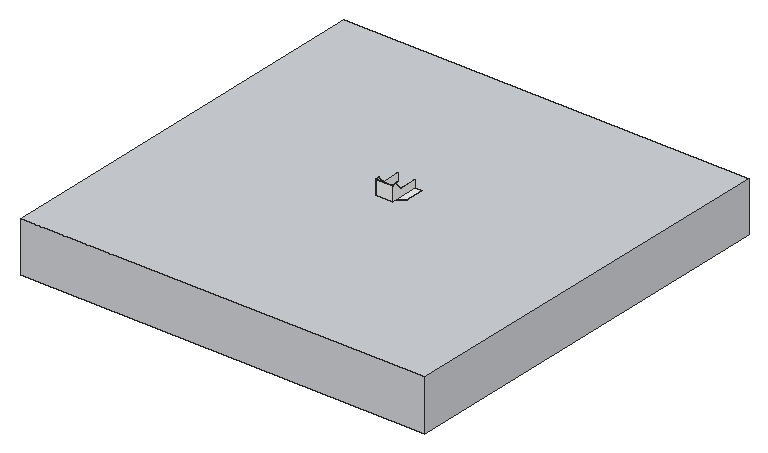
Revit family "JOMA_Balksko kombi_Grundform 440", category Structural Connections, host Face, Revit 2012
Parameters (values of type "5210170  100x170")
  Y = 110 mm
  X = 35 mm
  Vikt = "0,54"
  Typ = "GRUNDFORM 440"
  Spikmönster 2 [instance] = no
  Spikmönster 1 [instance] = no
  Spik/skruv i sekundär [instance] = "ANKARSPIK 4,0x40"
  Spik/skruv i primär [instance] = "ANKARSPIK 4,0x60"
  Material = Varmförzinkad stålplåt
  Länk Joma Dimensioneringsverktyg = "http://www.joma.se/dimensioneringsverktyg"
  Grundform 440 = yes
  F = 85 mm
  E = 47 mm
  Default Elevation = 1219.2 mm
  D = 42 mm
  Bultplacering 2 [instance] = no
  Bultplacering 1 [instance] = no
  Bult [instance] = "BULT M10"
  B = 170 mm
  Antal spik/skruv i sekundär [instance] = if(and(Spikmönster 1, Grundform 440), 7, if(and(Spikmönster 2, Grundform 440), 4, if(and(Bultplacering 1, Grundform 440), 7, if(and(Bultplacering 2, Grundform 440), 7, 0))))  # 0
  Antal spik/skruv i primär [instance] = if(and(Spikmönster 1, Grundform 440), 12, if(and(Spikmönster 2, Grundform 440), 7, if(and(Bultplacering 1, Grundform 440), 1, if(and(Bultplacering 2, Grundform 440), 2, 0))))  # 0
  A = 100 mm
  440 Spikmönster 2 [instance] = and(Grundform 440, Spikmönster 2, not(or(Spikmönster 1, Bultplacering 1, Bultplacering 2)))  # no
  440 Spikmönster 1 [instance] = and(Grundform 440, Spikmönster 1, not(or(Spikmönster 2, Bultplacering 1, Bultplacering 2)))  # no
  440 Bultplacering 2 [instance] = and(Grundform 440, Bultplacering 2, not(or(Spikmönster 1, Spikmönster 2, Bultplacering 1)))  # no
  440 Bultplacering 1 [instance] = and(Grundform 440, Bultplacering 1, not(or(Spikmönster 1, Spikmönster 2, Bultplacering 2)))  # no
Types (8, lengths in mm): name | Vikt | B | A
  5245197  45x197 | "0,54" | 197 | 45
  5251195  51x195 | "0,54" | 195 | 51
  5276182  76x182 | "0,43" | 182 | 76
  5280180  80x180 | "0,54" | 180 | 80
  5210170  100x170 | "0,54" | 170 | 100
  5215162  115x162 | "0,54" | 162 | 115
  5212160  120x160 | "0,54" | 160 | 120
  5260190  60x190 | "0,54" | 190 | 60
Reference planes
  plane 1 "Center (Front/Back)": y = 0
  plane 2: z = 0
  plane 3 "Center (Left/Right)": x = 0
  plane 4: x = -50
  plane 5: x = 50
  plane 6: y = -2
  plane 7: x = -52
  plane 8: x = 52
  plane 9: y = 168
  plane 10: z = 2
  plane 11: z = 87
  plane 12: y = 23
  plane 13: y = 58
  plane 14: x = 92
  plane 15: x = -92
  plane 16: z = 47
Forms (mm)
  Extrusion 1, solid
    sketch origin (0, 0, 0) x (1, 0, 0) y (0, 1, 0)
      loop
        line (-1219.2, 1219.2) -> (-1219.2, -1219.2) -> (1219.2, -1219.2) -> (1219.2, 1219.2) -> (-1219.2, 1219.2)
    from 0 to -304.8
  Extrusion 2, solid, material "Varmförzinkad stålplåt" <- "Material"
    sketch origin (0, 0, 0) x (1, 0, 0) y (0, 1, 0)
      loop
        line (-50, 168) -> (-52, 168) -> (-52, 0)
        arc (-52, 0) -> (-51.414, -1.414) -> (-50, -2) r 2
        line (-50, -2) -> (50.004, -2)
        arc (50.004, -2) -> (51.415, -1.415) -> (52, -0.004) r 1.996
        line (52, -0.004) -> (52, 168) -> (50, 168) -> (50, 0) -> (-50, 0) -> (-50, 168)
    from 2 to 87
  Extrusion 3, solid, material "Varmförzinkad stålplåt" <- "Material"
    sketch origin (0, 0, 0) x (1, 0, 0) y (0, 1, 0)
      loop
        line (50, 168) -> (50, 23) -> (92, 23) -> (92, 168) -> (50, 168)
    from 0 to 2
  Extrusion 4, void
    sketch origin (0, 0, 0) x (1, 0, 0) y (0, 1, 0)
      loop
        line (52, 23) -> (92, 23) -> (92, 58) -> (52, 23)
    from 0 to 2
  Extrusion 5, solid, material "Varmförzinkad stålplåt" <- "Material"
    sketch origin (0, 0, 0) x (-1, 0, 0) y (0, -1, 0)
      loop
        line (50, -168) -> (92, -168) -> (92, -23) -> (50, -23) -> (50, -168)
    from 0 to 2
  Extrusion 6, void
    sketch origin (0, 0, 0) x (1, 0, 0) y (0, 1, 0)
      loop
        line (-52, 23) -> (-92, 58) -> (-92, 23) -> (-52, 23)
    from 0 to 250
  Extrusion 7, void
    sketch origin (0, 0, 0) x (0, 1, 0) y (0, 0, 1)
      loop
        line (168, 87) -> (23, 87) -> (58, 47) -> (168, 47) -> (168, 87)
    from -52 to 52
  Extrusion 8, void
    sketch origin (0, 0, 0) x (1, 0, 0) y (0, 0, 1)
      loop
        arc (52, 0) -> (50.586, 0.586) -> (50, 2) r 2
        line (50, 2) -> (50, 0) -> (52, 0)
    from -168 to -23
  Extrusion 9, void
    sketch origin (0, 0, 0) x (1, 0, 0) y (0, 0, 1)
      loop
        arc (-50, 2) -> (-50.586, 0.586) -> (-52, 0) r 2
        line (-52, 0) -> (-50, 0) -> (-50, 2)
    from -168 to -23
Cuts and joins
  Extrusion 7 cuts Extrusion 2
  Extrusion 4, Extrusion 8 cuts Extrusion 3
  Extrusion 6, Extrusion 9 cuts Extrusion 5
  joined: Extrusion 2, Extrusion 3, Extrusion 5
Lines and regions (mm)
  symbolic lines, visible <- "Grundform 440"
    curve 1: circle (-61.5, 160.5, 0) r 2.5 normal (0, 0, 1)
    curve 2: circle (-84, 150.5, 0) r 2.5 normal (0, 0, 1)
    curve 3: circle (-61.5, 140.5, 0) r 2.5 normal (0, 0, 1)
    curve 4: circle (-84, 130.5, 0) r 2.5 normal (0, 0, 1)
    curve 5: circle (-61.5, 120.5, 0) r 2.5 normal (0, 0, 1)
    curve 6: circle (-84, 110.5, 0) r 2.5 normal (0, 0, 1)
    curve 7: circle (-61.5, 100.5, 0) r 2.5 normal (0, 0, 1)
    curve 8: circle (-84, 90.5, 0) r 2.5 normal (0, 0, 1)
    curve 9: circle (-61.5, 80.5, 0) r 2.5 normal (0, 0, 1)
    curve 10: circle (-84, 70.5, 0) r 2.5 normal (0, 0, 1)
    curve 11: circle (-61.5, 60.5, 0) r 2.5 normal (0, 0, 1)
    curve 12: circle (-61.5, 40.5, 0) r 2.5 normal (0, 0, 1)
    curve 13: circle (-74, 140.5, 0) r 5.5 normal (0, 0, 1)
    curve 14: circle (-74, 100.5, 0) r 5.5 normal (0, 0, 1)
    curve 15: circle (-74, 60.5, 0) r 5.5 normal (0, 0, 1)
    curve 31: circle (0, 160.5, 39) r 2.5 normal (1, 0, 0)
    curve 32: circle (0, 140.5, 39) r 2.5 normal (1, 0, 0)
    curve 33: circle (0, 120.5, 39) r 2.5 normal (1, 0, 0)
    curve 34: circle (0, 100.5, 39) r 2.5 normal (1, 0, 0)
    curve 35: circle (0, 80.5, 39) r 2.5 normal (1, 0, 0)
    curve 36: circle (0, 60.5, 39) r 2.5 normal (1, 0, 0)
    curve 37: circle (0, 40.5, 39) r 2.5 normal (1, 0, 0)
    curve 45: circle (61.5, 160.5, 0) r 2.5 normal (0, 0, -1)
    curve 46: circle (84, 150.5, 0) r 2.5 normal (0, 0, -1)
    curve 47: circle (61.5, 140.5, 0) r 2.5 normal (0, 0, -1)
    curve 48: circle (84, 130.5, 0) r 2.5 normal (0, 0, -1)
    curve 49: circle (61.5, 120.5, 0) r 2.5 normal (0, 0, -1)
    curve 50: circle (84, 110.5, 0) r 2.5 normal (0, 0, -1)
    curve 51: circle (61.5, 100.5, 0) r 2.5 normal (0, 0, -1)
    curve 52: circle (84, 90.5, 0) r 2.5 normal (0, 0, -1)
    curve 53: circle (61.5, 80.5, 0) r 2.5 normal (0, 0, -1)
    curve 54: circle (84, 70.5, 0) r 2.5 normal (0, 0, -1)
    curve 55: circle (61.5, 60.5, 0) r 2.5 normal (0, 0, -1)
    curve 56: circle (61.5, 40.5, 0) r 2.5 normal (0, 0, -1)
    curve 57: circle (74, 140.5, 0) r 5.5 normal (0, 0, -1)
    curve 58: circle (74, 100.5, 0) r 5.5 normal (0, 0, -1)
    curve 59: circle (74, 60.5, 0) r 5.5 normal (0, 0, -1)
  symbolic lines, visible <- "Grundform 440", not visible
    curve 16: circle (-34, 187.5, 0) r 2.5 normal (0, 0, 1)
    curve 17: circle (-56.5, 177.5, 0) r 2.5 normal (0, 0, 1)
    curve 18: circle (-34, 167.5, 0) r 2.5 normal (0, 0, 1)
    curve 19: circle (-56.5, 157.5, 0) r 2.5 normal (0, 0, 1)
    curve 20: circle (-34, 147.5, 0) r 2.5 normal (0, 0, 1)
    curve 21: circle (-56.5, 137.5, 0) r 2.5 normal (0, 0, 1)
    curve 22: circle (-34, 127.5, 0) r 2.5 normal (0, 0, 1)
    curve 23: circle (-56.5, 117.5, 0) r 2.5 normal (0, 0, 1)
    curve 24: circle (-34, 107.5, 0) r 2.5 normal (0, 0, 1)
    curve 25: circle (-56.5, 97.5, 0) r 2.5 normal (0, 0, 1)
    curve 26: circle (-34, 87.5, 0) r 2.5 normal (0, 0, 1)
    curve 27: circle (-34, 67.5, 0) r 2.5 normal (0, 0, 1)
    curve 28: circle (-46.5, 167.5, 0) r 5.5 normal (0, 0, 1)
    curve 29: circle (-46.5, 127.5, 0) r 5.5 normal (0, 0, 1)
    curve 30: circle (-46.5, 87.5, 0) r 5.5 normal (0, 0, 1)
    curve 38: circle (0, 187.5, 39) r 2.5 normal (1, 0, 0)
    curve 39: circle (0, 167.5, 39) r 2.5 normal (1, 0, 0)
    curve 40: circle (0, 147.5, 39) r 2.5 normal (1, 0, 0)
    curve 41: circle (0, 127.5, 39) r 2.5 normal (1, 0, 0)
    curve 42: circle (0, 107.5, 39) r 2.5 normal (1, 0, 0)
    curve 43: circle (0, 87.5, 39) r 2.5 normal (1, 0, 0)
    curve 44: circle (0, 67.5, 39) r 2.5 normal (1, 0, 0)
    curve 60: circle (1354, 187.5, 0) r 2.5 normal (0, 0, -1)
    curve 61: circle (1376.5, 177.5, 0) r 2.5 normal (0, 0, -1)
    curve 62: circle (1354, 167.5, 0) r 2.5 normal (0, 0, -1)
    curve 63: circle (1376.5, 157.5, 0) r 2.5 normal (0, 0, -1)
    curve 64: circle (1354, 147.5, 0) r 2.5 normal (0, 0, -1)
    curve 65: circle (1376.5, 137.5, 0) r 2.5 normal (0, 0, -1)
    curve 66: circle (1354, 127.5, 0) r 2.5 normal (0, 0, -1)
    curve 67: circle (1376.5, 117.5, 0) r 2.5 normal (0, 0, -1)
    curve 68: circle (1354, 107.5, 0) r 2.5 normal (0, 0, -1)
    curve 69: circle (1376.5, 97.5, 0) r 2.5 normal (0, 0, -1)
    curve 70: circle (1354, 87.5, 0) r 2.5 normal (0, 0, -1)
    curve 71: circle (1354, 67.5, 0) r 2.5 normal (0, 0, -1)
    curve 72: circle (1366.5, 167.5, 0) r 5.5 normal (0, 0, -1)
    curve 73: circle (1366.5, 127.5, 0) r 5.5 normal (0, 0, -1)
    curve 74: circle (1366.5, 87.5, 0) r 5.5 normal (0, 0, -1)
Text (mm)
  text "Primärbalk" at (328.941, 539.253, 0), in view "Ref. Level"
  text "Sekundärbalk" at (0, -172.393, 341.357), in view "Left"
Dimensions and locks
  equal spacing: plane 4, plane 3 "Center (Left/Right)", plane 5
  "A": plane 4 to plane 5
  "B": plane 9 to plane 6
  plane 7 to plane 4 = 2 mm
  plane 5 to plane 8 = 2 mm
  plane 1 "Center (Front/Back)" to plane 6 = 2 mm
  plane 10 to Extrusion 1 = 2 mm
  "F": plane 11 to plane 10
  "Y": plane 9 to plane 13
  "X": plane 12 to plane 13
  "D": plane 5 to plane 14
  "D": plane 15 to plane 4
  "E": plane 16 to Extrusion 1
  locked: plane 9 to curve 45 at 7.5
  locked: plane 9 to curve 1 at 7.5
  locked: plane 15 to curve 2 at 8
  locked: curve 46 to plane 14 at 8
  locked: plane 9 to curve 31 at 7.5
  locked: plane 16 to curve 31 at 8
  aligned and locked: plane 2 to Extrusion 1
  aligned and locked: level to Extrusion 1
  aligned and locked: Extrusion 2 to plane 7
  aligned and locked: plane 9 to Extrusion 2  (x2)
  aligned and locked: plane 8 to Extrusion 2
  aligned and locked: Extrusion 2 to plane 5
  aligned and locked: Extrusion 2 to plane 6
  aligned and locked: Extrusion 2 to plane 1 "Center (Front/Back)"
  aligned and locked: plane 4 to Extrusion 2
  aligned and locked: plane 11 to Extrusion 2
  aligned and locked: Extrusion 2 to Extrusion 7
  aligned and locked: Extrusion 7 to Extrusion 2
  aligned and locked: Extrusion 8 to plane 5
  aligned and locked: Extrusion 8 to level
  aligned and locked: plane 9 to Extrusion 8
  aligned and locked: plane 12 to Extrusion 8
  aligned and locked: Extrusion 5 to Extrusion 6
  aligned and locked: plane 9 to Extrusion 5
  aligned and locked: plane 4 to Extrusion 5
  aligned and locked: plane 12 to Extrusion 5
  aligned and locked: plane 15 to Extrusion 6
  aligned and locked: plane 12 to Extrusion 6
  aligned and locked: plane 4 to Extrusion 9
  aligned and locked: Extrusion 9 to level
  aligned and locked: Extrusion 8 to plane 2
  aligned and locked: plane 9 to Extrusion 9
  aligned and locked: plane 12 to Extrusion 9
Automatic sketch dimensions
  Extrusion 1 sketch curve to Extrusion 1 sketch curve = 2438.4 mm  (x2)
  curve 10 to curve 2 = 0 mm
  curve 4 to curve 2 = 0 mm
  curve 6 to curve 4 = 0 mm
  curve 8 to curve 6 = 0 mm
  curve 2 to curve 13 = 10 mm
  curve 6 to curve 14 = 10 mm
  curve 10 to curve 15 = 10 mm
  curve 14 to curve 7 = 12.5 mm
  curve 15 to curve 11 = 12.5 mm
  curve 12 to curve 11 = 0 mm
  curve 5 to curve 7 = 0 mm
  curve 13 to curve 3 = 12.5 mm
  curve 1 to curve 3 = 0 mm
  curve 9 to curve 11 = 0 mm
  curve 12 to curve 15 = 20 mm
  curve 15 to curve 11 = 0 mm
  curve 15 to curve 10 = 10 mm
  curve 11 to curve 9 = 20 mm
  curve 10 to curve 8 = 20 mm
  curve 9 to curve 7 = 20 mm
  curve 14 to curve 7 = 0 mm
  curve 14 to curve 6 = 10 mm
  curve 7 to curve 5 = 20 mm
  curve 6 to curve 4 = 20 mm
  curve 5 to curve 3 = 20 mm
  curve 13 to curve 3 = 0 mm
  curve 13 to curve 2 = 10 mm
  curve 3 to curve 1 = 20 mm
  curve 25 to curve 17 = 0 mm
  curve 19 to curve 17 = 0 mm
  curve 21 to curve 19 = 0 mm
  curve 23 to curve 21 = 0 mm
  curve 17 to curve 28 = 10 mm
  curve 21 to curve 29 = 10 mm
  curve 25 to curve 30 = 10 mm
  curve 29 to curve 22 = 12.5 mm
  curve 30 to curve 26 = 12.5 mm
  curve 27 to curve 26 = 0 mm
  curve 20 to curve 22 = 0 mm
  curve 28 to curve 18 = 12.5 mm
  curve 16 to curve 18 = 0 mm
  curve 24 to curve 26 = 0 mm
  curve 27 to curve 30 = 20 mm
  curve 30 to curve 26 = 0 mm
  curve 30 to curve 25 = 10 mm
  curve 26 to curve 24 = 20 mm
  curve 25 to curve 23 = 20 mm
  curve 24 to curve 22 = 20 mm
  curve 29 to curve 22 = 0 mm
  curve 29 to curve 21 = 10 mm
  curve 22 to curve 20 = 20 mm
  curve 21 to curve 19 = 20 mm
  curve 20 to curve 18 = 20 mm
  curve 28 to curve 18 = 0 mm
  curve 28 to curve 17 = 10 mm
  curve 18 to curve 16 = 20 mm
  curve 37 to curve 36 = 20 mm
  curve 36 to curve 35 = 20 mm
  curve 35 to curve 34 = 20 mm
  curve 34 to curve 33 = 20 mm
  curve 33 to curve 32 = 20 mm
  curve 32 to curve 31 = 20 mm
  curve 32 to curve 31 = 0 mm
  curve 33 to curve 32 = 0 mm
  curve 34 to curve 33 = 0 mm
  curve 35 to curve 34 = 0 mm
  curve 36 to curve 35 = 0 mm
  curve 37 to curve 36 = 0 mm
  curve 44 to curve 43 = 20 mm
  curve 43 to curve 42 = 20 mm
  curve 42 to curve 41 = 20 mm
  curve 41 to curve 40 = 20 mm
  curve 40 to curve 39 = 20 mm
  curve 39 to curve 38 = 20 mm
  curve 39 to curve 38 = 0 mm
  curve 40 to curve 39 = 0 mm
  curve 41 to curve 40 = 0 mm
  curve 42 to curve 41 = 0 mm
  curve 43 to curve 42 = 0 mm
  curve 44 to curve 43 = 0 mm
  curve 54 to curve 46 = 80 mm
  curve 48 to curve 46 = 20 mm
  curve 50 to curve 48 = 20 mm  (x2)
  curve 52 to curve 50 = 20 mm
  curve 46 to curve 57 = 14.142 mm
  curve 50 to curve 58 = 14.142 mm
  curve 54 to curve 59 = 14.142 mm
  curve 58 to curve 51 = 12.5 mm  (x2)
  curve 59 to curve 55 = 12.5 mm  (x2)
  curve 56 to curve 55 = 20 mm
  curve 49 to curve 51 = 20 mm
  curve 57 to curve 47 = 12.5 mm  (x2)
  curve 45 to curve 47 = 20 mm
  curve 53 to curve 55 = 20 mm
  curve 56 to curve 59 = 23.585 mm
  curve 59 to curve 54 = 14.142 mm
  curve 55 to curve 53 = 20 mm
  curve 54 to curve 52 = 20 mm
  curve 53 to curve 51 = 20 mm
  curve 58 to curve 50 = 14.142 mm
  curve 51 to curve 49 = 20 mm
  curve 49 to curve 47 = 20 mm
  curve 57 to curve 46 = 14.142 mm
  curve 47 to curve 45 = 20 mm
  curve 69 to curve 61 = 80 mm
  curve 63 to curve 61 = 20 mm
  curve 65 to curve 63 = 20 mm  (x2)
  curve 67 to curve 65 = 20 mm
  curve 61 to curve 72 = 14.142 mm
  curve 65 to curve 73 = 14.142 mm
  curve 69 to curve 74 = 14.142 mm
  curve 73 to curve 66 = 12.5 mm  (x2)
  curve 74 to curve 70 = 12.5 mm  (x2)
  curve 71 to curve 70 = 20 mm
  curve 64 to curve 66 = 20 mm
  curve 72 to curve 62 = 12.5 mm  (x2)
  curve 60 to curve 62 = 20 mm
  curve 68 to curve 70 = 20 mm
  curve 71 to curve 74 = 23.585 mm
  curve 74 to curve 69 = 14.142 mm
  curve 70 to curve 68 = 20 mm
  curve 69 to curve 67 = 20 mm
  curve 68 to curve 66 = 20 mm
  curve 73 to curve 65 = 14.142 mm
  curve 66 to curve 64 = 20 mm
  curve 64 to curve 62 = 20 mm
  curve 72 to curve 61 = 14.142 mm
  curve 62 to curve 60 = 20 mm
  plane 1 "Center (Front/Back)" to Extrusion 2 sketch curve = 0 mm  (x2)
  Extrusion 2 sketch curve to plane 7 = 0 mm
  Extrusion 2 sketch curve to plane 4 = 0 mm  (x2)
  Extrusion 2 sketch curve to plane 5 = 0 mm
  Extrusion 2 sketch curve to plane 8 = 0 mm
  Extrusion 2 sketch curve to plane 9 = 0 mm  (x2)
  plane 5 to Extrusion 2 sketch curve = 0.004 mm
  Extrusion 3 sketch curve to plane 5 = 0 mm
  plane 12 to Extrusion 3 sketch curve = 0 mm
  Extrusion 3 sketch curve to plane 14 = 0 mm
  Extrusion 3 sketch curve to plane 9 = 0 mm
  Extrusion 4 sketch curve to plane 8 = 0 mm
  plane 12 to Extrusion 4 sketch curve = 0 mm
  Extrusion 4 sketch curve to plane 14 = 0 mm
  plane 13 to Extrusion 4 sketch curve = 0 mm
  Extrusion 5 sketch curve to plane 4 = 0 mm
  plane 12 to Extrusion 5 sketch curve = 0 mm
  Extrusion 5 sketch curve to plane 15 = 0 mm
  Extrusion 5 sketch curve to plane 9 = 0 mm
  plane 13 to Extrusion 6 sketch curve = 0 mm
  Extrusion 6 sketch curve to plane 15 = 0 mm
  Extrusion 6 sketch curve to plane 7 = 0 mm
  plane 12 to Extrusion 6 sketch curve = 0 mm
  Extrusion 7 sketch curve to plane 11 = 0 mm
  Extrusion 7 sketch curve to plane 12 = 0 mm
  Extrusion 7 sketch curve to plane 13 = 0 mm
  Extrusion 7 sketch curve to plane 9 = 0 mm
  Extrusion 7 sketch curve to plane 16 = 0 mm
  Extrusion 8 sketch curve to level = 0 mm
  Extrusion 8 sketch curve to plane 5 = 0 mm
  Extrusion 8 sketch curve to plane 8 = 0 mm
  Extrusion 9 sketch curve to plane 7 = 0 mm
  Extrusion 9 sketch curve to level = 0 mm
  Extrusion 9 sketch curve to plane 4 = 0 mm
  radius of curve 1 = 2.5 mm
  radius of curve 2 = 2.5 mm
  radius of curve 3 = 2.5 mm
  radius of curve 4 = 2.5 mm
  radius of curve 5 = 2.5 mm
  radius of curve 6 = 2.5 mm
  radius of curve 7 = 2.5 mm
  radius of curve 8 = 2.5 mm
  radius of curve 9 = 2.5 mm
  radius of curve 10 = 2.5 mm
  radius of curve 11 = 2.5 mm
  radius of curve 12 = 2.5 mm
  radius of curve 13 = 5.5 mm
  radius of curve 14 = 5.5 mm
  radius of curve 15 = 5.5 mm
  radius of curve 16 = 2.5 mm
  radius of curve 17 = 2.5 mm
  radius of curve 18 = 2.5 mm
  radius of curve 19 = 2.5 mm
  radius of curve 20 = 2.5 mm
  radius of curve 21 = 2.5 mm
  radius of curve 22 = 2.5 mm
  radius of curve 23 = 2.5 mm
  radius of curve 24 = 2.5 mm
  radius of curve 25 = 2.5 mm
  radius of curve 26 = 2.5 mm
  radius of curve 27 = 2.5 mm
  radius of curve 28 = 5.5 mm
  radius of curve 29 = 5.5 mm
  radius of curve 30 = 5.5 mm
  radius of curve 31 = 2.5 mm
  radius of curve 32 = 2.5 mm
  radius of curve 33 = 2.5 mm
  radius of curve 34 = 2.5 mm
  radius of curve 35 = 2.5 mm
  radius of curve 36 = 2.5 mm
  radius of curve 37 = 2.5 mm
  radius of curve 38 = 2.5 mm
  radius of curve 39 = 2.5 mm
  radius of curve 40 = 2.5 mm
  radius of curve 41 = 2.5 mm
  radius of curve 42 = 2.5 mm
  radius of curve 43 = 2.5 mm
  radius of curve 44 = 2.5 mm
  radius of curve 45 = 2.5 mm
  radius of curve 46 = 2.5 mm
  radius of curve 47 = 2.5 mm
  radius of curve 48 = 2.5 mm
  radius of curve 49 = 2.5 mm
  radius of curve 50 = 2.5 mm
  radius of curve 51 = 2.5 mm
  radius of curve 52 = 2.5 mm
  radius of curve 53 = 2.5 mm
  radius of curve 54 = 2.5 mm
  radius of curve 55 = 2.5 mm
  radius of curve 56 = 2.5 mm
  radius of curve 57 = 5.5 mm
  radius of curve 58 = 5.5 mm
  radius of curve 59 = 5.5 mm
  radius of curve 60 = 2.5 mm
  radius of curve 61 = 2.5 mm
  radius of curve 62 = 2.5 mm
  radius of curve 63 = 2.5 mm
  radius of curve 64 = 2.5 mm
  radius of curve 65 = 2.5 mm
  radius of curve 66 = 2.5 mm
  radius of curve 67 = 2.5 mm
  radius of curve 68 = 2.5 mm
  radius of curve 69 = 2.5 mm
  radius of curve 70 = 2.5 mm
  radius of curve 71 = 2.5 mm
  radius of curve 72 = 5.5 mm
  radius of curve 73 = 5.5 mm
  radius of curve 74 = 5.5 mm
Nested families
  nested 1: "Spikmönster" at (-84, 150.5, 0), visible <- "440 Spikmönster 1", type "Ø5"
  nested 2: "Spikmönster" at (-84, 130.5, 0), visible <- "440 Spikmönster 1", type "Ø5"
  nested 3: "Spikmönster" at (-84, 110.5, 0), visible <- "440 Spikmönster 1", type "Ø5"
  nested 4: "Spikmönster" at (-84, 90.5, 0), visible <- "440 Spikmönster 1", type "Ø5"
  nested 5: "Spikmönster" at (-84, 70.5, 0), visible <- "440 Spikmönster 1", type "Ø5"
  nested 6: "Spikmönster" at (-61.5, 160.5, 0), visible <- "440 Spikmönster 1", type "Ø5"
  nested 7: "Spikmönster" at (-61.5, 140.5, 0), visible <- "440 Spikmönster 1", type "Ø5"
  nested 8: "Spikmönster" at (-61.5, 120.5, 0), visible <- "440 Spikmönster 1", type "Ø5"
  nested 9: "Spikmönster" at (-61.5, 100.5, 0), visible <- "440 Spikmönster 1", type "Ø5"
  nested 10: "Spikmönster" at (-61.5, 80.5, 0), visible <- "440 Spikmönster 1", type "Ø5"
  nested 11: "Spikmönster" at (-61.5, 60.5, 0), visible <- "440 Spikmönster 1", type "Ø5"
  nested 12: "Spikmönster" at (-61.5, 40.5, 0), visible <- "440 Spikmönster 1", type "Ø5"
  nested 13: "Spikmönster" at (-61.5, 160.5, 0), visible <- "440 Spikmönster 2", type "Ø5"
  nested 14: "Spikmönster" at (-61.5, 140.5, 0), visible <- "440 Spikmönster 2", type "Ø5"
  nested 15: "Spikmönster" at (-61.5, 120.5, 0), visible <- "440 Spikmönster 2", type "Ø5"
  nested 16: "Spikmönster" at (-61.5, 100.5, 0), visible <- "440 Spikmönster 2", type "Ø5"
  nested 17: "Spikmönster" at (-61.5, 80.5, 0), visible <- "440 Spikmönster 2", type "Ø5"
  nested 18: "Spikmönster" at (-61.5, 60.5, 0), visible <- "440 Spikmönster 2", type "Ø5"
  nested 19: "Spikmönster" at (-61.5, 40.5, 0), visible <- "440 Spikmönster 2", type "Ø5"
  nested 20: "Spikmönster" at (-74, 140.5, 0), visible <- "440 Bultplacering 1", type "Ø11"
  nested 21: "Spikmönster" at (-74, 140.5, 0), visible <- "440 Bultplacering 2", type "Ø11"
  nested 22: "Spikmönster" at (-74, 60.5, 0), visible <- "440 Bultplacering 2", type "Ø11"
  nested 23: "Spikmönster" at (-56.5, 177.5, 0), visible <- "440 Spikmönster 1", type "Ø5", not visible
  nested 24: "Spikmönster" at (-56.5, 157.5, 0), visible <- "440 Spikmönster 1", type "Ø5", not visible
  nested 25: "Spikmönster" at (-56.5, 137.5, 0), visible <- "440 Spikmönster 1", type "Ø5", not visible
  nested 26: "Spikmönster" at (-56.5, 117.5, 0), visible <- "440 Spikmönster 1", type "Ø5", not visible
  nested 27: "Spikmönster" at (-56.5, 97.5, 0), visible <- "440 Spikmönster 1", type "Ø5", not visible
  nested 28: "Spikmönster" at (-34, 187.5, 0), visible <- "440 Spikmönster 1", type "Ø5", not visible
  nested 29: "Spikmönster" at (-34, 167.5, 0), visible <- "440 Spikmönster 1", type "Ø5", not visible
  nested 30: "Spikmönster" at (-34, 147.5, 0), visible <- "440 Spikmönster 1", type "Ø5", not visible
  nested 31: "Spikmönster" at (-34, 127.5, 0), visible <- "440 Spikmönster 1", type "Ø5", not visible
  nested 32: "Spikmönster" at (-34, 107.5, 0), visible <- "440 Spikmönster 1", type "Ø5", not visible
  nested 33: "Spikmönster" at (-34, 87.5, 0), visible <- "440 Spikmönster 1", type "Ø5", not visible
  nested 34: "Spikmönster" at (-34, 67.5, 0), visible <- "440 Spikmönster 1", type "Ø5", not visible
  nested 35: "Spikmönster" at (-34, 187.5, 0), visible <- "440 Spikmönster 2", type "Ø5", not visible
  nested 36: "Spikmönster" at (-34, 167.5, 0), visible <- "440 Spikmönster 2", type "Ø5", not visible
  nested 37: "Spikmönster" at (-34, 147.5, 0), visible <- "440 Spikmönster 2", type "Ø5", not visible
  nested 38: "Spikmönster" at (-34, 127.5, 0), visible <- "440 Spikmönster 2", type "Ø5", not visible
  nested 39: "Spikmönster" at (-34, 107.5, 0), visible <- "440 Spikmönster 2", type "Ø5", not visible
  nested 40: "Spikmönster" at (-34, 87.5, 0), visible <- "440 Spikmönster 2", type "Ø5", not visible
  nested 41: "Spikmönster" at (-34, 67.5, 0), visible <- "440 Spikmönster 2", type "Ø5", not visible
  nested 42: "Spikmönster" at (-46.5, 167.5, 0), visible <- "440 Bultplacering 1", type "Ø11", not visible
  nested 43: "Spikmönster" at (-46.5, 167.5, 0), visible <- "440 Bultplacering 2", type "Ø11", not visible
  nested 44: "Spikmönster" at (-46.5, 87.5, 0), visible <- "440 Bultplacering 2", type "Ø11", not visible
  nested 45: "Spikmönster" at (84, 150.5, 0), visible <- "440 Spikmönster 1", type "Ø5"
  nested 46: "Spikmönster" at (84, 130.5, 0), visible <- "440 Spikmönster 1", type "Ø5"
  nested 47: "Spikmönster" at (84, 110.5, 0), visible <- "440 Spikmönster 1", type "Ø5"
  nested 48: "Spikmönster" at (84, 90.5, 0), visible <- "440 Spikmönster 1", type "Ø5"
  nested 49: "Spikmönster" at (84, 70.5, 0), visible <- "440 Spikmönster 1", type "Ø5"
  nested 50: "Spikmönster" at (61.5, 160.5, 0), visible <- "440 Spikmönster 1", type "Ø5"
  nested 51: "Spikmönster" at (61.5, 140.5, 0), visible <- "440 Spikmönster 1", type "Ø5"
  nested 52: "Spikmönster" at (61.5, 120.5, 0), visible <- "440 Spikmönster 1", type "Ø5"
  nested 53: "Spikmönster" at (61.5, 100.5, 0), visible <- "440 Spikmönster 1", type "Ø5"
  nested 54: "Spikmönster" at (61.5, 80.5, 0), visible <- "440 Spikmönster 1", type "Ø5"
  nested 55: "Spikmönster" at (61.5, 60.5, 0), visible <- "440 Spikmönster 1", type "Ø5"
  nested 56: "Spikmönster" at (61.5, 40.5, 0), visible <- "440 Spikmönster 1", type "Ø5"
  nested 57: "Spikmönster" at (61.5, 160.5, 0), visible <- "440 Spikmönster 2", type "Ø5"
  nested 58: "Spikmönster" at (61.5, 140.5, 0), visible <- "440 Spikmönster 2", type "Ø5"
  nested 59: "Spikmönster" at (61.5, 120.5, 0), visible <- "440 Spikmönster 2", type "Ø5"
  nested 60: "Spikmönster" at (61.5, 100.5, 0), visible <- "440 Spikmönster 2", type "Ø5"
  nested 61: "Spikmönster" at (61.5, 80.5, 0), visible <- "440 Spikmönster 2", type "Ø5"
  nested 62: "Spikmönster" at (61.5, 60.5, 0), visible <- "440 Spikmönster 2", type "Ø5"
  nested 63: "Spikmönster" at (61.5, 40.5, 0), visible <- "440 Spikmönster 2", type "Ø5"
  nested 64: "Spikmönster" at (74, 140.5, 0), visible <- "440 Bultplacering 1", type "Ø11"
  nested 65: "Spikmönster" at (74, 140.5, 0), visible <- "440 Bultplacering 2", type "Ø11"
  nested 66: "Spikmönster" at (74, 60.5, 0), visible <- "440 Bultplacering 2", type "Ø11"
  nested 67: "Spikmönster" at (1376.5, 177.5, 0), visible <- "440 Spikmönster 1", type "Ø5", not visible
  nested 68: "Spikmönster" at (1376.5, 157.5, 0), visible <- "440 Spikmönster 1", type "Ø5", not visible
  nested 69: "Spikmönster" at (1376.5, 137.5, 0), visible <- "440 Spikmönster 1", type "Ø5", not visible
  nested 70: "Spikmönster" at (1376.5, 117.5, 0), visible <- "440 Spikmönster 1", type "Ø5", not visible
  nested 71: "Spikmönster" at (1376.5, 97.5, 0), visible <- "440 Spikmönster 1", type "Ø5", not visible
  nested 72: "Spikmönster" at (1354, 187.5, 0), visible <- "440 Spikmönster 1", type "Ø5", not visible
  nested 73: "Spikmönster" at (1354, 167.5, 0), visible <- "440 Spikmönster 1", type "Ø5", not visible
  nested 74: "Spikmönster" at (1354, 147.5, 0), visible <- "440 Spikmönster 1", type "Ø5", not visible
  nested 75: "Spikmönster" at (1354, 127.5, 0), visible <- "440 Spikmönster 1", type "Ø5", not visible
  nested 76: "Spikmönster" at (1354, 107.5, 0), visible <- "440 Spikmönster 1", type "Ø5", not visible
  nested 77: "Spikmönster" at (1354, 87.5, 0), visible <- "440 Spikmönster 1", type "Ø5", not visible
  nested 78: "Spikmönster" at (1354, 67.5, 0), visible <- "440 Spikmönster 1", type "Ø5", not visible
  nested 79: "Spikmönster" at (1354, 187.5, 0), visible <- "440 Spikmönster 2", type "Ø5", not visible
  nested 80: "Spikmönster" at (1354, 167.5, 0), visible <- "440 Spikmönster 2", type "Ø5", not visible
  nested 81: "Spikmönster" at (1354, 147.5, 0), visible <- "440 Spikmönster 2", type "Ø5", not visible
  nested 82: "Spikmönster" at (1354, 127.5, 0), visible <- "440 Spikmönster 2", type "Ø5", not visible
  nested 83: "Spikmönster" at (1354, 107.5, 0), visible <- "440 Spikmönster 2", type "Ø5", not visible
  nested 84: "Spikmönster" at (1354, 87.5, 0), visible <- "440 Spikmönster 2", type "Ø5", not visible
  nested 85: "Spikmönster" at (1354, 67.5, 0), visible <- "440 Spikmönster 2", type "Ø5", not visible
  nested 86: "Spikmönster" at (1366.5, 167.5, 0), visible <- "440 Bultplacering 1", type "Ø11", not visible
  nested 87: "Spikmönster" at (1366.5, 167.5, 0), visible <- "440 Bultplacering 2", type "Ø11", not visible
  nested 88: "Spikmönster" at (1366.5, 87.5, 0), visible <- "440 Bultplacering 2", type "Ø11", not visible
  nested 89: "Spikmönster" at (0, 160.5, 39) x (0, -1, 0) z (1, 0, 0), visible <- "440 Spikmönster 1", type "Ø5"
  nested 90: "Spikmönster" at (0, 140.5, 39) x (0, -1, 0) z (1, 0, 0), visible <- "440 Spikmönster 1", type "Ø5"
  nested 91: "Spikmönster" at (0, 120.5, 39) x (0, -1, 0) z (1, 0, 0), visible <- "440 Spikmönster 1", type "Ø5"
  nested 92: "Spikmönster" at (0, 100.5, 39) x (0, -1, 0) z (1, 0, 0), visible <- "440 Spikmönster 1", type "Ø5"
  nested 93: "Spikmönster" at (0, 80.5, 39) x (0, -1, 0) z (1, 0, 0), visible <- "440 Spikmönster 1", type "Ø5"
  nested 94: "Spikmönster" at (0, 60.5, 39) x (0, -1, 0) z (1, 0, 0), visible <- "440 Spikmönster 1", type "Ø5"
  nested 95: "Spikmönster" at (0, 40.5, 39) x (0, -1, 0) z (1, 0, 0), visible <- "440 Spikmönster 1", type "Ø5"
  nested 96: "Spikmönster" at (0, 160.5, 39) x (0, -1, 0) z (1, 0, 0), visible <- "440 Spikmönster 2", type "Ø5"
  nested 97: "Spikmönster" at (0, 120.5, 39) x (0, -1, 0) z (1, 0, 0), visible <- "440 Spikmönster 2", type "Ø5"
  nested 98: "Spikmönster" at (0, 80.5, 39) x (0, -1, 0) z (1, 0, 0), visible <- "440 Spikmönster 2", type "Ø5"
  nested 99: "Spikmönster" at (0, 40.5, 39) x (0, -1, 0) z (1, 0, 0), visible <- "440 Spikmönster 2", type "Ø5"
  nested 100: "Spikmönster" at (0, 40.5, 39) x (0, -1, 0) z (1, 0, 0), visible <- "440 Bultplacering 1", type "Ø5"
  nested 101: "Spikmönster" at (0, 60.5, 39) x (0, -1, 0) z (1, 0, 0), visible <- "440 Bultplacering 1", type "Ø5"
  nested 102: "Spikmönster" at (0, 80.5, 39) x (0, -1, 0) z (1, 0, 0), visible <- "440 Bultplacering 1", type "Ø5"
  nested 103: "Spikmönster" at (0, 100.5, 39) x (0, -1, 0) z (1, 0, 0), visible <- "440 Bultplacering 1", type "Ø5"
  nested 104: "Spikmönster" at (0, 120.5, 39) x (0, -1, 0) z (1, 0, 0), visible <- "440 Bultplacering 1", type "Ø5"
  nested 105: "Spikmönster" at (0, 140.5, 39) x (0, -1, 0) z (1, 0, 0), visible <- "440 Bultplacering 1", type "Ø5"
  nested 106: "Spikmönster" at (0, 160.5, 39) x (0, -1, 0) z (1, 0, 0), visible <- "440 Bultplacering 1", type "Ø5"
  nested 107: "Spikmönster" at (0, 160.5, 39) x (0, -1, 0) z (1, 0, 0), visible <- "440 Bultplacering 2", type "Ø5"
  nested 108: "Spikmönster" at (0, 140.5, 39) x (0, -1, 0) z (1, 0, 0), visible <- "440 Bultplacering 2", type "Ø5"
  nested 109: "Spikmönster" at (0, 120.5, 39) x (0, -1, 0) z (1, 0, 0), visible <- "440 Bultplacering 2", type "Ø5"
  nested 110: "Spikmönster" at (0, 100.5, 39) x (0, -1, 0) z (1, 0, 0), visible <- "440 Bultplacering 2", type "Ø5"
  nested 111: "Spikmönster" at (0, 80.5, 39) x (0, -1, 0) z (1, 0, 0), visible <- "440 Bultplacering 2", type "Ø5"
  nested 112: "Spikmönster" at (0, 60.5, 39) x (0, -1, 0) z (1, 0, 0), visible <- "440 Bultplacering 2", type "Ø5"
  nested 113: "Spikmönster" at (0, 40.5, 39) x (0, -1, 0) z (1, 0, 0), visible <- "440 Bultplacering 2", type "Ø5"
  nested 114: "Spikmönster" at (0, 187.5, 39) x (0, -1, 0) z (1, 0, 0), visible <- "440 Spikmönster 1", type "Ø5", not visible
  nested 115: "Spikmönster" at (0, 167.5, 39) x (0, -1, 0) z (1, 0, 0), visible <- "440 Spikmönster 1", type "Ø5", not visible
  nested 116: "Spikmönster" at (0, 147.5, 39) x (0, -1, 0) z (1, 0, 0), visible <- "440 Spikmönster 1", type "Ø5", not visible
  nested 117: "Spikmönster" at (0, 127.5, 39) x (0, -1, 0) z (1, 0, 0), visible <- "440 Spikmönster 1", type "Ø5", not visible
  nested 118: "Spikmönster" at (0, 107.5, 39) x (0, -1, 0) z (1, 0, 0), visible <- "440 Spikmönster 1", type "Ø5", not visible
  nested 119: "Spikmönster" at (0, 87.5, 39) x (0, -1, 0) z (1, 0, 0), visible <- "440 Spikmönster 1", type "Ø5", not visible
  nested 120: "Spikmönster" at (0, 67.5, 39) x (0, -1, 0) z (1, 0, 0), visible <- "440 Spikmönster 1", type "Ø5", not visible
  nested 121: "Spikmönster" at (0, 187.5, 39) x (0, -1, 0) z (1, 0, 0), visible <- "440 Spikmönster 2", type "Ø5", not visible
  nested 122: "Spikmönster" at (0, 147.5, 39) x (0, -1, 0) z (1, 0, 0), visible <- "440 Spikmönster 2", type "Ø5", not visible
  nested 123: "Spikmönster" at (0, 107.5, 39) x (0, -1, 0) z (1, 0, 0), visible <- "440 Spikmönster 2", type "Ø5", not visible
  nested 124: "Spikmönster" at (0, 67.5, 39) x (0, -1, 0) z (1, 0, 0), visible <- "440 Spikmönster 2", type "Ø5", not visible
  nested 125: "Spikmönster" at (0, 67.5, 39) x (0, -1, 0) z (1, 0, 0), visible <- "440 Bultplacering 1", type "Ø5", not visible
  nested 126: "Spikmönster" at (0, 87.5, 39) x (0, -1, 0) z (1, 0, 0), visible <- "440 Bultplacering 1", type "Ø5", not visible
  nested 127: "Spikmönster" at (0, 107.5, 39) x (0, -1, 0) z (1, 0, 0), visible <- "440 Bultplacering 1", type "Ø5", not visible
  nested 128: "Spikmönster" at (0, 127.5, 39) x (0, -1, 0) z (1, 0, 0), visible <- "440 Bultplacering 1", type "Ø5", not visible
  nested 129: "Spikmönster" at (0, 147.5, 39) x (0, -1, 0) z (1, 0, 0), visible <- "440 Bultplacering 1", type "Ø5", not visible
  nested 130: "Spikmönster" at (0, 167.5, 39) x (0, -1, 0) z (1, 0, 0), visible <- "440 Bultplacering 1", type "Ø5", not visible
  nested 131: "Spikmönster" at (0, 187.5, 39) x (0, -1, 0) z (1, 0, 0), visible <- "440 Bultplacering 1", type "Ø5", not visible
  nested 132: "Spikmönster" at (0, 187.5, 39) x (0, -1, 0) z (1, 0, 0), visible <- "440 Bultplacering 2", type "Ø5", not visible
  nested 133: "Spikmönster" at (0, 167.5, 39) x (0, -1, 0) z (1, 0, 0), visible <- "440 Bultplacering 2", type "Ø5", not visible
  nested 134: "Spikmönster" at (0, 147.5, 39) x (0, -1, 0) z (1, 0, 0), visible <- "440 Bultplacering 2", type "Ø5", not visible
  nested 135: "Spikmönster" at (0, 127.5, 39) x (0, -1, 0) z (1, 0, 0), visible <- "440 Bultplacering 2", type "Ø5", not visible
  nested 136: "Spikmönster" at (0, 107.5, 39) x (0, -1, 0) z (1, 0, 0), visible <- "440 Bultplacering 2", type "Ø5", not visible
  nested 137: "Spikmönster" at (0, 87.5, 39) x (0, -1, 0) z (1, 0, 0), visible <- "440 Bultplacering 2", type "Ø5", not visible
  nested 138: "Spikmönster" at (0, 67.5, 39) x (0, -1, 0) z (1, 0, 0), visible <- "440 Bultplacering 2", type "Ø5", not visible
Definition of nested family "Spikmönster"
  Parameters (values of type "Ø11")
    Radie = 5.5 mm
  Types (3, lengths in mm): name | Radie
    (no name) | 5.5
    Ø5 | 2.5
    Ø11 | 5.5
  Reference planes
    plane 1 "Center (Front/Back)": y = 0
    plane 2: z = 0
    plane 3 "Center (Left/Right)": x = 0
  Lines and regions (mm)
    Filled region 1, type "Solid Fill - Black", in view "Ref. Level"
      outline origin (0, 0, 0) x (1, 0, 0) y (0, 1, 0)
        loop
          circle (0, 0) r 5.5
  Dimensions and locks
    "Radie": radius of Filled region 1 sketch curve
  Automatic sketch dimensions
    plane 1 "Center (Front/Back)" to Filled region 1 sketch curve = 0 mm
    Filled region 1 sketch curve to plane 3 "Center (Left/Right)" = 0 mm
